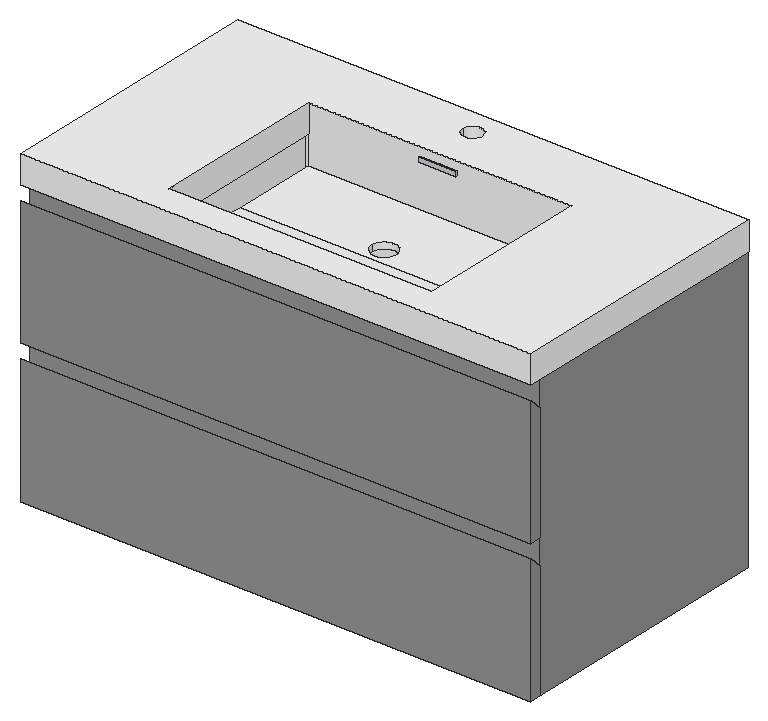
Revit family "CITY 900 MAPLE GRAY", category Furniture, Revit 2019
Family settings
  OmniClass Number = 23.40.20.00
  OmniClass Title = General Furniture and Specialties
  Work Plane-Based = No
  Always vertical = Yes
  Cut with Voids When Loaded = No
  Shared = No
  Room Calculation Point = No
Parameters
  MATERIAL MUEBLE = MAPLE GREY MUEBLE CITY
  LARGO MUEBLE = 700 mm
  ANCHO MUEBLE = 480 mm
Reference planes
  plane 1 "Center (Front/Back)": y = 0
  plane 2: z = 0
  plane 3 "Center (Left/Right)": x = 0
  plane 4: x = 350
  plane 5: x = -350
  plane 6: y = 240
  plane 7: y = -240
  plane 8: z = 350
  plane 9: z = 600
Forms (mm)
  Extrusion 1, solid, material "MAPLE GREY MUEBLE CITY" <- "MATERIAL MUEBLE"
    sketch origin (-147, 236, 0) x (1, 0, 0) y (0, 1, 0)
      loop
        line (-303, 4) -> (-303, -456) -> (597, -456) -> (597, 4) -> (-303, 4)
    from 350 to 850
  Extrusion 2, solid, material "BLANCO"
    sketch origin (0, 0, 0) x (1, 0, 0) y (0, 1, 0)
      loop
        line (-450, 240) -> (-450, -240) -> (450, -240) -> (450, 240) -> (-450, 240)
      loop
        line (-228.802, 120) -> (-228.802, -190) -> (235.319, -190) -> (235.319, 120) -> (-228.802, 120)
    from 850 to 900
  Extrusion 3, solid, material "MAPLE GREY MUEBLE CITY" <- "MATERIAL MUEBLE"
    sketch origin (0, 0, 0) x (0, 1, 0) y (0, 0, 1)
      loop
        line (-220, 350) -> (-220, 555.536) -> (-240, 575.536) -> (-240, 350) -> (-220, 350)
    from -450 to 450
  Extrusion 4, solid, material "MAPLE GREY MUEBLE CITY" <- "MATERIAL MUEBLE"
    sketch origin (0, 0, 250) x (0, 1, 0) y (0, 0, 1)
      loop
        line (-220, 350) -> (-220, 555.536) -> (-240, 575.536) -> (-240, 350) -> (-220, 350)
    from -450 to 450
  Extrusion 5, void
    sketch origin (0, 0, 0) x (1, 0, 0) y (0, 1, 0)
      loop
        line (-260, 150) -> (-260, -206.975) -> (261.08, -206.975) -> (261.08, 150) -> (-260, 150)
    from 400 to 950
  Extrusion 6, solid, material "BLANCO"
    sketch origin (0, 0, 0) x (0, 1, 0) y (0, 0, 1)
      loop
        line (120, 850) -> (120, 800) -> (-30, 800)
        arc (-30, 800) -> (-113.815, 812.791) -> (-190, 850) r 281
        line (-190, 850) -> (-206.975, 850)
        arc (-206.975, 850) -> (-123.434, 805.408) -> (-30, 790) r 291
        line (-30, 790) -> (130, 790) -> (130, 850) -> (120, 850)
    from -228.802 to 235.319
  Extrusion 7, void
    sketch origin (0, 0, 0) x (1, 0, 0) y (0, 1, 0)
      loop
        circle (0, 195) r 17.5
      loop
        circle (0, 0) r 22
    from 600 to 900
  Extrusion 8, solid
    sketch origin (0, 0, 0) x (1, 0, 0) y (0, 0, 1)
      loop
        line (2.505, 884.404) -> (-32.495, 884.404) -> (-32.495, 876.291) -> (32.505, 876.291) -> (32.505, 884.404) -> (2.505, 884.404)
    from -120 to -116.101
Cuts and joins
  Extrusion 5 cuts Extrusion 1
  Extrusion 7 cuts Extrusion 2
  Extrusion 7 cuts Extrusion 6
  joined: Extrusion 2, Extrusion 6
Dimensions and locks
  locked: Extrusion 1 to plane 7 at 20
  "ANCHO MUEBLE": plane 6 to plane 7
  "LARGO MUEBLE": plane 5 to plane 4
  equal spacing: plane 5, plane 3 "Center (Left/Right)", plane 4
  plane 9 to plane 8 to level = 250 mm, 350 mm
  locked: Extrusion 3 to Extrusion 3 at 225.536
  locked: Extrusion 4 to Extrusion 4 at 225.536
  aligned and locked: level to plane 2
  aligned and locked: plane 6 to Extrusion 1  (x2)
  aligned and locked: Extrusion 1 to Extrusion 2
  aligned and locked: plane 8 to Extrusion 1
  aligned and locked: Extrusion 3 to plane 8
  aligned and locked: Extrusion 4 to plane 9
Automatic sketch dimensions
  Extrusion 1 sketch curve to plane 5 = 100 mm
  plane 4 to Extrusion 1 sketch curve = 100 mm
  Extrusion 1 sketch curve to plane 6 = 0 mm
  plane 7 to Extrusion 1 sketch curve = 20 mm
  Extrusion 2 sketch curve to plane 5 = 100 mm
  plane 4 to Extrusion 2 sketch curve = 100 mm
  Extrusion 2 sketch curve to plane 7 = 0 mm
  Extrusion 2 sketch curve to plane 6 = 0 mm
  plane 5 to Extrusion 2 sketch curve = 121.198 mm
  Extrusion 2 sketch curve to plane 4 = 114.681 mm
  plane 7 to Extrusion 2 sketch curve = 50 mm
  Extrusion 2 sketch curve to plane 1 "Center (Front/Back)" = 120 mm
  Extrusion 3 sketch curve to plane 7 = 0 mm
  Extrusion 3 sketch curve to plane 8 = 0 mm
  plane 7 to Extrusion 3 sketch curve = 20 mm
  Extrusion 3 sketch curve to plane 9 = 44.464 mm
  Extrusion 3 sketch curve to plane 9 = 24.464 mm
  Extrusion 4 sketch curve to plane 7 = 0 mm
  Extrusion 4 sketch curve to plane 9 = 0 mm
  plane 7 to Extrusion 4 sketch curve = 20 mm
  Extrusion 4 sketch curve to Extrusion 4 sketch curve = 205.536 mm
  Extrusion 4 sketch curve to Extrusion 4 sketch curve = 20 mm
  plane 5 to Extrusion 5 sketch curve = 90 mm
  Extrusion 5 sketch curve to plane 4 = 88.92 mm
  plane 7 to Extrusion 5 sketch curve = 33.025 mm
  Extrusion 5 sketch curve to plane 6 = 90 mm
  Extrusion 6 sketch curve to Extrusion 6 sketch curve = 0 mm  (x2)
  plane 7 to Extrusion 6 sketch curve = 33.025 mm
  Extrusion 6 sketch curve to Extrusion 6 sketch curve = 16.975 mm
  plane 1 "Center (Front/Back)" to Extrusion 6 sketch curve = 30 mm
  Extrusion 6 sketch curve to plane 1 "Center (Front/Back)" = 120 mm
  Extrusion 6 sketch curve to Extrusion 6 sketch curve = 10 mm  (x2)
  plane 9 to Extrusion 6 sketch curve = 190 mm
  Extrusion 6 sketch curve to Extrusion 6 sketch curve = 50 mm
  Extrusion 7 sketch curve to plane 3 "Center (Left/Right)" = 0 mm  (x2)
  plane 1 "Center (Front/Back)" to Extrusion 7 sketch curve = 0 mm
  Extrusion 7 sketch curve to plane 6 = 45 mm
  Extrusion 8 sketch curve to plane 3 "Center (Left/Right)" = 32.495 mm
  plane 3 "Center (Left/Right)" to Extrusion 8 sketch curve = 32.505 mm
  plane 9 to Extrusion 8 sketch curve = 276.291 mm
  plane 3 "Center (Left/Right)" to Extrusion 8 sketch curve = 2.505 mm
  Extrusion 8 sketch curve to Extrusion 8 sketch curve = 8.113 mm
  radius of Extrusion 7 sketch curve = 17.5 mm
  radius of Extrusion 7 sketch curve = 22 mm
